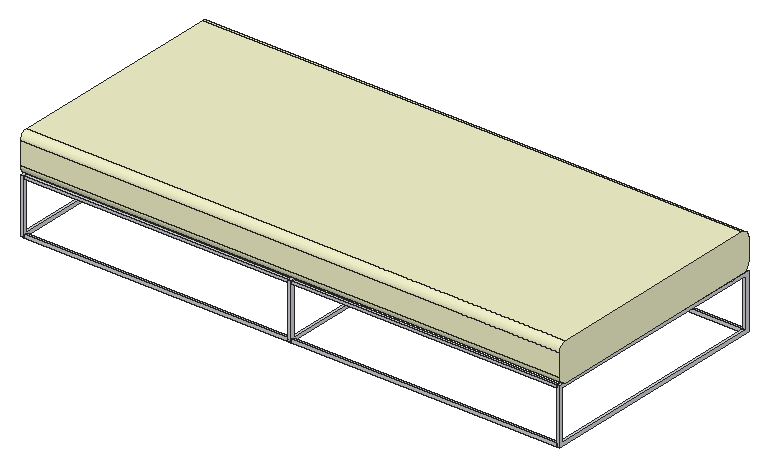
Revit family "Ile Club-LivingDivani", category Furniture, Revit 2013
Parameters (values of type "Panca 215 cm")
  mezzaLarghezzaSX = (LarghezzaDivano / 2) - Largh.BraccioloSX  # 80.5 cm
  mezzaLarghezzaDX = (LarghezzaDivano / 2) - Largh.BraccioloDX  # 80.5 cm
  largh.SedutaDX = if(Visib.Bracciolo Destro, mezzaLarghezzaDX, (mezzaLarghezzaDX + Largh.BraccioloDX))  # 107.5 cm
  Visib.Sostegno Centrale = LarghezzaDivano > 100 cm  # yes
  Visib.Schienale = no
  Largh.BraccioloSX = if(bracciolo SX Largo_Stretto, 27 cm, 8 cm)  # 27 cm
  Largh.BraccioloDX = if(bracciolo DX Largo_Stretto, 27 cm, 8 cm)  # 27 cm
  Dist.CuscinoDalFondo = if(Visib.Schienale, if(Lunghezza Schienale < LarghezzaDivano, 0 cm, 27 cm), 0 cm)  # 0 cm
  bracciolo SX Largo_Stretto = yes
  Visib.Bracciolo Sinistro = no
  Visib.Bracciolo Destro = no
  URL = "www.livingdivani.it"
  bracciolo DX Largo_Stretto = yes
  Model = "Ile Club"
  Mat. Tessuto = Linen, Beige
  Manufacturer = "Living Divani srl"
  Lunghezza Schienale = 215 cm
  LarghezzaDivano = 215 cm
  Largh.SedutaSX = if(Visib.Bracciolo Sinistro, mezzaLarghezzaSX, (mezzaLarghezzaSX + Largh.BraccioloSX))  # 107.5 cm
  Codice Prodotto = "2ILF215"
Types (16, lengths in cm): name | mezzaLarghezzaSX | mezzaLarghezzaDX | largh.SedutaDX | Visib.Sostegno Centrale | Visib.Schienale | Dist.CuscinoDalFondo | Visib.Bracciolo Sinistro | Visib.Bracciolo Destro | Lunghezza Schienale | LarghezzaDivano | Largh.SedutaSX | Codice Prodotto
  (no name) | 80.5 | 80.5 | 107.5 | yes | no | 0 | no | no | 215 | 215 | 107.5 | "2ILF215"
  Elemento 188cm con schienale 94cm | 67 | 67 | 94 | yes | yes | 0 | no | no | 94 | 188 | 94 | "2ILE18894"
  Centrale 188cm | 67 | 67 | 94 | yes | yes | 27 | no | no | 188 | 188 | 94 | "2ILE188"
  Centrale 215cm | 80.5 | 80.5 | 107.5 | yes | yes | 27 | no | no | 215 | 215 | 107.5 | "2ILE215"
  Centrale 250cm | 98 | 98 | 125 | yes | yes | 27 | no | no | 250 | 250 | 125 | "2ILE250"
  Terminale 188cm | 67 | 67 | 94 | yes | yes | 27 | yes | no | 188 | 188 | 67 | "2ILT188"
  Terminale 215cm | 80.5 | 80.5 | 107.5 | yes | yes | 27 | yes | no | 215 | 215 | 80.5 | "2ILT215"
  Terminale 250cm | 98 | 98 | 125 | yes | yes | 27 | yes | no | 250 | 250 | 98 | "2ILT250"
  Elemento 188 con bracciolo e schienale 94cm | 67 | 67 | 94 | yes | yes | 0 | yes | no | 94 | 188 | 67 | "2ILT094"
  Elemento 215cm con bracciolo e schienale 140cm | 80.5 | 80.5 | 107.5 | yes | yes | 0 | yes | no | 140 | 215 | 80.5 | "2ILT215140"
  Divano 188cm | 67 | 67 | 67 | yes | yes | 27 | yes | yes | 188 | 188 | 67 | "2ILD188"
  Divano 215cm | 80.5 | 80.5 | 80.5 | yes | yes | 27 | yes | yes | 215 | 215 | 80.5 | "2ILD215"
  Panca 94cm | 20 | 20 | 47 | no | no | 0 | no | no | 94 | 94 | 47 | "2ILF094"
  Divano 250cm | 98 | 98 | 98 | yes | yes | 27 | yes | yes | 250 | 250 | 98 | "2ILD250"
  Panca 188cm | 67 | 67 | 94 | yes | no | 0 | no | no | 188 | 188 | 94 | "2ILF188"
  Panca 215 cm | 80.5 | 80.5 | 107.5 | yes | no | 0 | no | no | 215 | 215 | 107.5 | "2ILF215"
Reference planes (cm)
  plane 1 "Centro (Fronte/Retro)": y = 0
  plane 2: z = 0
  plane 3 "Centro (Sinistra/Destra)": x = 0
  plane 4: x = 107.5
  plane 5: y = 47
  plane 6: x = -107.5
  plane 7: y = -47
  plane 8: z = 22
  plane 9: z = 66
  plane 10: z = 37
  plane 11: y = 20
  plane 12: x = -80.5
  plane 13: x = 107.5
  plane 14: x = 107.5
  plane 15: x = 80.5
  plane 16: x = -107.5
  plane 17: y = 47
Forms (cm)
  Extrusion 1, solid, material "Linen, Beige" <- "Mat. Tessuto"
    sketch origin (262, 0, 0) x (0, 1, 0) y (0, 0, -1)
      loop
        arc (44, -37) -> (46.1213, -36.1213) -> (47, -34) r 3
        line (47, -34) -> (47, -25)
        arc (47, -25) -> (46.1213, -22.8787) -> (44, -22) r 3
        line (44, -22) -> (-44, -22)
        arc (-44, -22) -> (-46.1213, -22.8787) -> (-47, -25) r 3
        line (-47, -25) -> (-47, -34)
        arc (-47, -34) -> (-46.1213, -36.1213) -> (-44, -37) r 3
        line (-44, -37) -> (44, -37)
    from 369.5 to 154.5
  Extrusion 2, solid, material "Linen, Beige" <- "Mat. Tessuto", visible <- "Visib.Schienale"
    sketch origin (262, 27, 0) x (0, 1, 0) y (0, 0, -1)
      loop
        arc (17, -66) -> (19.1213, -65.1213) -> (20, -63) r 3
        line (20, -63) -> (20, -25)
        arc (20, -25) -> (19.1213, -22.8787) -> (17, -22) r 3
        line (17, -22) -> (-4, -22)
        arc (-4, -22) -> (-6.1213, -22.8787) -> (-7, -25) r 3
        line (-7, -25) -> (-7, -63)
        arc (-7, -63) -> (-6.1213, -65.1213) -> (-4, -66) r 3
        line (-4, -66) -> (17, -66)
    from 369.5 to 154.5
  Extrusion 3, solid, material "Linen, Beige" <- "Mat. Tessuto", visible <- "Visib.Bracciolo Sinistro"
    sketch origin (-11.5, 0, 0) x (1, 0, 0) y (0, 0, 1)
      loop
        line (-95, 22) -> (-70, 22)
        arc (-70, 22) -> (-69.2929, 22.2929) -> (-69, 23) r 1
        line (-69, 23) -> (-69, 65)
        arc (-69, 65) -> (-69.2929, 65.7071) -> (-70, 66) r 1
        line (-70, 66) -> (-95, 66)
        arc (-95, 66) -> (-95.7071, 65.7071) -> (-96, 65) r 1
        line (-96, 65) -> (-96, 23)
        arc (-96, 23) -> (-95.7071, 22.2929) -> (-95, 22) r 1
    from -20 to 47
  Extrusion 4, solid
    sketch origin (-107.5, 0, 0) x (0, 1, 0) y (0, 0, -1)
      loop
        line (47, 0) -> (-47, 0) -> (-47, -22) -> (47, -22) -> (47, 0)
      loop
        line (-45.8, -20.8) -> (45.8, -20.8) -> (45.8, -1.2) -> (-45.8, -1.2) -> (-45.8, -20.8)
    from 0 to -1.2
  Extrusion 5, solid
    sketch origin (125, 0, 0) x (0, 1, 0) y (0, 0, 1)
      loop
        line (47, 0) -> (47, 22) -> (-47, 22) -> (-47, 0) -> (47, 0)
      loop
        line (-45.8, 20.8) -> (-45.8, 1.2) -> (45.8, 1.2) -> (45.8, 20.8) -> (-45.8, 20.8)
    from -17.5 to -18.7
  Extrusion 6, solid
    sketch origin (0, -45.8, 0) x (1, 0, 0) y (0, 0, 1)
      loop
        line (-106.3, 22) -> (-106.3, 20.8) -> (106.3, 20.8) -> (106.3, 22) -> (-106.3, 22)
    from 0 to 1.2
  Extrusion 7, solid
    sketch origin (0, 45.8, 0) x (1, 0, 0) y (0, 0, -1)
      loop
        line (-106.3, -22) -> (106.3, -22) -> (106.3, -20.8) -> (-106.3, -20.8) -> (-106.3, -22)
    from 0 to 1.2
  Extrusion 8, solid, visible <- "Visib.Sostegno Centrale"
    sketch origin (25.5, 0, 0) x (0, 1, 0) y (0, 0, 1)
      loop
        line (47, 0) -> (47, 22) -> (-47, 22) -> (-47, 0) -> (47, 0)
      loop
        line (-45.8, 20.8) -> (-45.8, 1.2) -> (45.8, 1.2) -> (45.8, 20.8) -> (-45.8, 20.8)
    from -25 to -26.2
  Extrusion 9, solid
    sketch origin (0, -45.8, -20.8) x (1, 0, 0) y (0, 0, 1)
      loop
        line (-106.3, 22) -> (-106.3, 20.8) -> (106.3, 20.8) -> (106.3, 22) -> (-106.3, 22)
    from 0 to 1.2
  Extrusion 10, solid
    sketch origin (0, 45.8, -20.8) x (1, 0, 0) y (0, 0, -1)
      loop
        line (-106.3, -22) -> (106.3, -22) -> (106.3, -20.8) -> (-106.3, -20.8) -> (-106.3, -22)
    from 0 to 1.2
  Extrusion 11, solid, material "Linen, Beige" <- "Mat. Tessuto", visible <- "Visib.Bracciolo Destro"
    sketch origin (11.5, 0, 0) x (-1, 0, 0) y (0, 0, -1)
      loop
        arc (-95, -22) -> (-95.7071, -22.2929) -> (-96, -23) r 1
        line (-96, -23) -> (-96, -65)
        arc (-96, -65) -> (-95.7071, -65.7071) -> (-95, -66) r 1
        line (-95, -66) -> (-70, -66)
        arc (-70, -66) -> (-69.2929, -65.7071) -> (-69, -65) r 1
        line (-69, -65) -> (-69, -23)
        arc (-69, -23) -> (-69.2929, -22.2929) -> (-70, -22) r 1
        line (-70, -22) -> (-95, -22)
    from -20 to 47
Dimensions and locks (cm)
  "LarghezzaDivano": plane 6 to plane 4
  equal spacing: plane 7, plane 1 "Centro (Fronte/Retro)", plane 5
  equal spacing: plane 6, plane 3 "Centro (Sinistra/Destra)", plane 4
  plane 9 to plane 8 = 44 cm
  plane 10 to level = 37 cm
  "Lunghezza Schienale": plane 6 to plane 13
  "Largh.BraccioloSX": plane 6 to plane 12
  "largh.SedutaDX": plane 3 "Centro (Sinistra/Destra)" to plane 14
  "Largh.BraccioloDX": plane 4 to plane 15
  "Largh.SedutaSX": plane 16 to plane 3 "Centro (Sinistra/Destra)"
  locked: Extrusion 5 to Extrusion 5 at 1.2
  locked: Extrusion 8 to Extrusion 8 at 1.2
  "Dist.CuscinoDalFondo": plane 5 to plane 17
  radius of Extrusion 1 sketch curve = 3 cm  (x2)
  aligned and locked: level to plane 2
  aligned and locked: plane 6 to Extrusion 3
  aligned and locked: Extrusion 3 to plane 12
  aligned and locked: plane 14 to Extrusion 1
  aligned and locked: Extrusion 2 to plane 13
  aligned and locked: plane 16 to Extrusion 1
  aligned and locked: plane 6 to Extrusion 4
  aligned and locked: plane 6 to Extrusion 2
  aligned and locked: plane 4 to Extrusion 5
  aligned and locked: Extrusion 1 sketch curve to plane 17
Automatic sketch dimensions
  Extrusion 2 sketch curve to plane 11 = 0 cm
  Extrusion 2 sketch curve to plane 8 = 0 cm
  Extrusion 2 sketch curve to plane 9 = 0 cm
  Extrusion 2 sketch curve to plane 5 = 0 cm
  Extrusion 2 sketch curve to plane 8 = 3 cm
  plane 11 to Extrusion 2 sketch curve = 3 cm  (x2)
  Extrusion 2 sketch curve to plane 5 = 3 cm
  plane 6 to Extrusion 3 sketch curve = 0 cm
  Extrusion 3 sketch curve to plane 9 = 0 cm
  Extrusion 3 sketch curve to plane 8 = 0 cm
  plane 12 to Extrusion 3 sketch curve = 0 cm
  plane 8 to Extrusion 3 sketch curve = 1 cm
  Extrusion 3 sketch curve to plane 6 = 1 cm
  plane 12 to Extrusion 3 sketch curve = 1 cm  (x2)
  Extrusion 4 sketch curve to level = 0 cm
  Extrusion 4 sketch curve to plane 7 = 0 cm
  Extrusion 4 sketch curve to plane 5 = 0 cm
  Extrusion 4 sketch curve to plane 8 = 0 cm
  Extrusion 4 sketch curve to plane 7 = 1.2 cm
  Extrusion 4 sketch curve to plane 5 = 1.2 cm
  Extrusion 4 sketch curve to level = 1.2 cm
  plane 8 to Extrusion 4 sketch curve = 1.2 cm
  Extrusion 5 sketch curve to level = 0 cm
  Extrusion 5 sketch curve to plane 7 = 0 cm
  Extrusion 5 sketch curve to plane 5 = 0 cm
  Extrusion 5 sketch curve to plane 8 = 0 cm
  plane 7 to Extrusion 5 sketch curve = 1.2 cm
  plane 5 to Extrusion 5 sketch curve = 1.2 cm
  level to Extrusion 5 sketch curve = 1.2 cm
  Extrusion 5 sketch curve to plane 8 = 1.2 cm
  Extrusion 6 sketch curve to plane 8 = 0 cm
  Extrusion 6 sketch curve to plane 6 = 1.2 cm
  Extrusion 6 sketch curve to plane 8 = 1.2 cm
  Extrusion 6 sketch curve to plane 4 = 1.2 cm
  Extrusion 7 sketch curve to plane 8 = 0 cm
  Extrusion 7 sketch curve to plane 6 = 1.2 cm
  Extrusion 7 sketch curve to plane 8 = 1.2 cm
  Extrusion 7 sketch curve to plane 4 = 1.2 cm
  Extrusion 8 sketch curve to level = 0 cm
  Extrusion 8 sketch curve to plane 7 = 0 cm
  Extrusion 8 sketch curve to plane 5 = 0 cm
  Extrusion 8 sketch curve to plane 8 = 0 cm
  plane 7 to Extrusion 8 sketch curve = 1.2 cm
  plane 5 to Extrusion 8 sketch curve = 1.2 cm
  level to Extrusion 8 sketch curve = 1.2 cm
  Extrusion 8 sketch curve to plane 8 = 1.2 cm
  Extrusion 9 sketch curve to level = 0 cm
  Extrusion 9 sketch curve to plane 6 = 1.2 cm
  level to Extrusion 9 sketch curve = 1.2 cm
  Extrusion 9 sketch curve to plane 4 = 1.2 cm
  Extrusion 10 sketch curve to level = 0 cm
  Extrusion 10 sketch curve to plane 6 = 1.2 cm
  level to Extrusion 10 sketch curve = 1.2 cm
  Extrusion 10 sketch curve to plane 4 = 1.2 cm
  Extrusion 11 sketch curve to plane 4 = 0 cm
  Extrusion 11 sketch curve to plane 9 = 0 cm
  Extrusion 11 sketch curve to plane 8 = 0 cm
  Extrusion 11 sketch curve to plane 9 = 1 cm
  Extrusion 11 sketch curve to plane 4 = 1 cm
  plane 15 to Extrusion 11 sketch curve = 1 cm  (x2)
  plane 8 to Extrusion 11 sketch curve = 1 cm
  Extrusion 1 sketch curve to plane 7 = 0 cm
  Extrusion 1 sketch curve to plane 8 = 0 cm
  Extrusion 1 sketch curve to plane 10 = 0 cm
  Extrusion 1 sketch curve to plane 8 = 3 cm
  Extrusion 1 sketch curve to plane 7 = 3 cm
